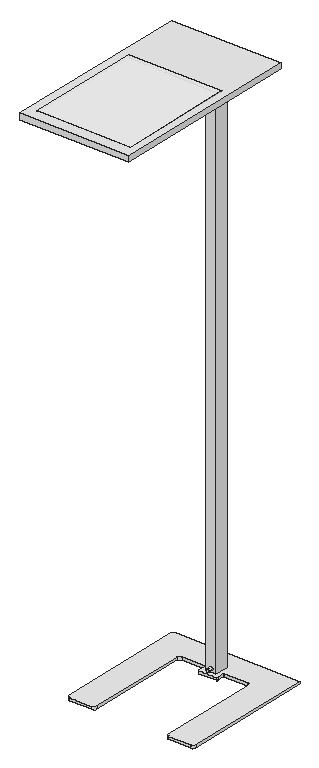
Revit family "0060780 Sylvania Lighting Fixture FREEOFFICE DIRECT INDIRECT 12KLM WHITE EC", category Lighting Fixtures, host Face, Revit 2016
Family settings
  Host = Face
  Part Type = Normal
  Round Connector Dimension = Use Diameter
  OmniClass Number = 23.80.70.11.17
  OmniClass Title = Specialized Lighting by Location or Use
  Cut with Voids When Loaded = No
  Light Source = Yes
  Shared = No
  Room Calculation Point = No
Parameters (values of type "0060780 FREEOFFICE D/I 12 WHITE EC")
  Weight = "22.8 kg"
  Wattage = 93 W
  WarrantyStartDate [instance] = "n/a"
  WarrantyGuarantorParts = "n/a"
  WarrantyDurationUnit = "n/a"
  WarrantyDurationParts = "n/a"
  WarrantyDescription = "n/a"
  built-in parameter 1150110 = 1 (stored number, unit not read)
  Voltage = 230 V
  TypeName = "FREEOFFICE DIRECT/INDIRECT 12KLM WHITE EC"
  built-in parameter 1114217 = 1 (stored number, unit not read)
  Tilt Angle = -90°
  built-in parameter 1150109 = 1 (stored number, unit not read)
  built-in parameter 1150134 = 12
  built-in parameter 1150113 = 1 (stored number, unit not read)
  SerialNumber [instance] = "n/a"
  Radius_FEILO = 165.0 mm
  URL = "http://www.sylvania-lighting.com"
  PowerFactor = 0.96
  PowerConsumption = "93 W"
  Photometric Web File = "0060780.ies"
  PIR_SYL = no
  NominalWidth = 0.0 mm
  NominalLength = 690.0 mm
  NominalHeight = 2030.0 mm
  Name = "FREEOFFICE DIRECT/INDIRECT 12KLM WHITE EC"
  ModelReference = "FREEOFFICE DIRECT/INDIRECT 12KLM WHITE EC"
  ModelNumber = "0060780"
  Material_3_SYL = Body-Sylvania-FreeOffice-BLK
  Material_2_SYL = Polycarbonate_Sylvania_Sylcircle_Opal
  Material_1_SYL = Body-Sylvania-FreeOffice-WH
  Material = "head and pole : powder coated aluminium. stand: powder coated steel housing, pmma diffuser"
  ManufacturerName = "Feilo Sylvania"
  LuminousEfficacy = "131 lm/W"
  built-in parameter 1150105 = 3688.2 (stored number, unit not read)
  Lumens = 12183 lm
  LuminaireType = ""
  built-in parameter 1150115 = 1 (stored number, unit not read)
  LightOutputRatio = "n/a"
  built-in parameter 1150137 = (empty or 0)
  built-in parameter 1150139 = (empty or 0)
  LampsType = Lamp  # "LED"
  LampNominalLuminous = "12150 lm"
  LampMacAdamStep = "3"
  LampColourTemperature = "4000 K"
  LampColourRenderingIndex = "80"
  built-in parameter 1150112 = 1 (stored number, unit not read)
  built-in parameter 1150114 = 1 (stored number, unit not read)
  Keynote = "16500"
  InstallationDate [instance] = "n/a"
  InputVoltage = "220-240V~"
  InputNominalFrequency = "50/60 Hz"
  built-in parameter 1150132 = (empty or 0)
  built-in parameter 1150102 = (empty or 0)
  built-in parameter 1150107 = 4000 (stored number, unit not read)
  built-in parameter 1150138 = (empty or 0)
  IngressProtection = "IP20"
  ImpactProtectionIndex = "IK02"
  built-in parameter 1150106 = 36.882 (stored number, unit not read)
  IfcExportType = "IfcLightFixtureType"
  IfcExportAs = "IfcLightFixtureType"
  Height_FEILO = 96.0 mm
  ExpectedLife = 50000
  Emit from Rectangle Width = 340.1 mm
  Emit from Rectangle Length = 564.6 mm
  Emit Shape Visible in Rendering = no
  ElectricShockClassification = "Class I"
  built-in parameter 1150104 = 12.17 (stored number, unit not read)
  DurationUnit = "hours"
  DocumentationLiterature = "http://www.sylvania-lighting.com/product/en-int/products/0060780"
  DimmingControlOptions = "Dimmable"
  Dimming Lamp Color Temperature Shift = <None>
  Diameter_FEILO = 2 * Radius_FEILO  # 330.0 mm
  CreatedOn = "12/5/2018"
  CreatedBy = "@sylvania-lighting.com"
  Color Filter = 16777215
  built-in parameter 1114216 [instance] = 1 (stored number, unit not read)
  Model = "FREEOFFICE DIRECT/INDIRECT 12KLM WHITE EC"
  Manufacturer = "Feilo Sylvania"
  Lamp = "LED"
  Description = "FREEOFFICE DIRECT/INDIRECT 12KLM WHITE EC is a highly efficient free-standing floor lamp providing optimal illumination for single and twin workstations. 80% uplight and 20% downlight ratio for ambient and task lighting from a single luminaire. Microprismatic PMMA optics for advanced glare control. White RAL9010 powder coated luminaire body. Aluminium head and pole for high-quality appearance, steel stand for higher stability. Luminaire dimensions: Head: 690x397x25mm, Stand: 480x460x16mm, Pole: 55x35x2030mm. Operated and dimmed with a push button located in the pole at a height suitable to be used with adjustable height desks. Up and downlight dims together. 4000K Neutral White LED, CRI>80, chromaticity tolerance: SDCM<3. Luminous flux: 12150lm. Power consumption 93W. Luminaire efficacy: 131lm/W. Lumen maintenance: L80B50=55000h. UGR<16, Luminance at 65°<3000 cd/m2. IK02, IP20. Photobiological safety risk group 0. Electrical protection: Class I. Glow wire test: 650°C. Supplied with 3m cable with DIN 49441-R2 plug."
  Default Elevation = 0.0 mm
  built-in parameter 1140040 [instance] = 1
  BarCode [instance] = "n/a"
  built-in parameter 1114218 = 1 (stored number, unit not read)
  built-in parameter 1150133 = 10 (stored number, unit not read)
  AssetType = "Fixed"
  AssetIdentifier [instance] = "n/a"
  Assembly Code = "D5020200"
  Apparent Load = 93 VA
Reference planes
  plane 1 "Center (Front/Back)": y = 0
  plane 2: z = 0
  plane 3 "Center (Left/Right)": x = 0
  plane 4: z = 2030
  plane 5: x = 230
  plane 6: x = -230
  plane 7: x = 18
  plane 8: x = -18
  plane 9: x = -198.5
  plane 10: x = 198.5
  plane 11: y = 25
  plane 12: y = -25
  plane 13: y = -390.174
  plane 14: y = 89.826
  plane 15: y = -645
  plane 16: y = 44
  plane 17: z = 9
  plane 18: z = 2010
  plane 19: y = -187.327
  plane 20: y = -603.8
  plane 21: x = -170.03
  plane 22: x = 170.03
  plane 23: y = -39.174
  plane 24: z = 2020
  plane 25: x = 130
  plane 26: x = -130
  plane 27: y = -10.174
  plane 28: x = 34
  plane 29: x = -34
  plane 30: y = -39.174
  plane 31: y = -321.487
  plane 32: z = 21
  plane 33: y = -624.4
  plane 34: z = 2009
Forms (mm)
  Extrusion 1, solid, material "Body-Sylvania-FreeOffice-WH" <- "Material_1_SYL"
    sketch origin (-1380.213, -4572, 2010) x (-1, 0, 0) y (0, -1, 0)
      loop
        line (-1181.713, -3927) -> (-1578.713, -3927) -> (-1578.713, -4616) -> (-1181.713, -4616) -> (-1181.713, -3927)
    from 0 to 20
  Extrusion 2, void
    sketch origin (-1380.213, -4572, 2030) x (0, -1, 0) y (-1, 0, 0)
      loop
        line (-4384.673, -1210.183) -> (-4384.673, -1550.243) -> (-3968.2, -1550.243) -> (-3968.2, -1210.183) -> (-4384.673, -1210.183)
    from 0 to 20
  Extrusion 3, void
    sketch origin (-1380.213, -4572, 2010) x (0, -1, 0) y (-1, 0, 0)
      loop
        line (-3968.2, -1210.183) -> (-4532.826, -1210.183) -> (-4532.826, -1550.243) -> (-3968.2, -1550.243) -> (-3968.2, -1210.183)
    from 0 to -10
  Extrusion 4, solid, material "Body-Sylvania-FreeOffice-WH" <- "Material_1_SYL"
    sketch origin (0, 0, 0) x (1, 0, 0) y (0, 1, 0)
      loop
        line (-230, 79.826) -> (-230, -380.174)
        arc (-230, -380.174) -> (-227.071, -387.245) -> (-220, -390.174) r 10
        line (-220, -390.174) -> (-140, -390.174)
        arc (-140, -390.174) -> (-132.929, -387.245) -> (-130, -380.174) r 10
        line (-130, -380.174) -> (-130, -20.174)
        arc (-130, -20.174) -> (-127.071, -13.103) -> (-120, -10.174) r 10
        line (-120, -10.174) -> (-36, -10.174)
        arc (-36, -10.174) -> (-34.586, -10.76) -> (-34, -12.174) r 2
        line (-34, -12.174) -> (-34, -37.174)
        arc (-34, -37.174) -> (-33.414, -38.588) -> (-32, -39.174) r 2
        line (-32, -39.174) -> (32, -39.174)
        arc (32, -39.174) -> (33.414, -38.588) -> (34, -37.174) r 2
        line (34, -37.174) -> (34, -12.174)
        arc (34, -12.174) -> (34.586, -10.76) -> (36, -10.174) r 2
        line (36, -10.174) -> (120, -10.174)
        arc (120, -10.174) -> (127.071, -13.103) -> (130, -20.174) r 10
        line (130, -20.174) -> (130, -380.174)
        arc (130, -380.174) -> (132.929, -387.245) -> (140, -390.174) r 10
        line (140, -390.174) -> (220, -390.174)
        arc (220, -390.174) -> (227.071, -387.245) -> (230, -380.174) r 10
        line (230, -380.174) -> (230, 89.826) -> (-220, 89.826)
        arc (-220, 89.826) -> (-227.071, 86.897) -> (-230, 79.826) r 10
    from 0 to 9
  Extrusion 5, solid, material "Body-Sylvania-FreeOffice-WH" <- "Material_1_SYL"
    sketch origin (645.563, -4597, 9) x (0, -1, 0) y (-1, 0, 0)
      loop
        line (-4622, 663.563) -> (-4622, 627.563) -> (-4572, 627.563) -> (-4572, 663.563) -> (-4622, 663.563)
    from 0 to -2001
  Extrusion 6, solid, material "Body-Sylvania-FreeOffice-WH" <- "Material_1_SYL"
    sketch origin (747.1, -25, 1219.2) x (1, 0, 0) y (0, 0, 1)
      loop
        circle (-747.1, -1198.2) r 5
    from 0 to 14.174
  Extrusion 7, solid, material "Polycarbonate_Sylvania_Sylcircle_Opal" <- "Material_2_SYL"
    sketch origin (-1380.213, -4572, 2030) x (-1, 0, 0) y (0, -1, 0)
      loop
        line (-1550.243, -3968.2) -> (-1550.243, -4384.673) -> (-1210.183, -4384.673) -> (-1210.183, -3968.2) -> (-1550.243, -3968.2)
    from 0 to -10
  Extrusion 8, solid, material "Polycarbonate_Sylvania_Sylcircle_Opal" <- "Material_2_SYL"
    sketch origin (-1380.213, -4572, 2010) x (-1, 0, 0) y (0, -1, 0)
      loop
        line (-1210.183, -4532.826) -> (-1210.183, -3968.2) -> (-1550.243, -3968.2) -> (-1550.243, -4532.826) -> (-1210.183, -4532.826)
    from 0 to 10
  Revolve 9, solid, material "Body-Sylvania-FreeOffice-BLK" <- "Material_3_SYL", visible <- "PIR_SYL"
    sketch origin (747.1, -624.4, 1219.2) x (1, 0, 0) y (0, 0, 1)
      loop
        line (-757.1, 789.8) -> (-754.426, 789.8)
        arc (-754.426, 789.8) -> (-751.007, 787.781) -> (-747.1, 787.079) r 11.221
        line (-747.1, 787.079) -> (-747.1, 790.8) -> (-757.1, 790.8) -> (-757.1, 789.8)
      axis (-747.1, 790.8) -> (-747.1, 787.079)
    angle from 0 to 360
Cuts and joins
  Extrusion 2, Extrusion 3 cuts Extrusion 1
Lines and regions (mm)
  reference lines
    curve 1: circle (0, 0, 21) r 5 normal (0, -1, 0)
    curve 2: circle (0, -624.4, 2010) r 10 normal (0, 0, 1)
Dimensions and locks
  equal spacing: plane 12, plane 1 "Center (Front/Back)", plane 11
  locked: plane 12 to plane 11 at 50
  equal spacing: plane 8, plane 3 "Center (Left/Right)", plane 7
  plane 8 to plane 7 = 36.0 mm
  equal spacing: plane 9, plane 3 "Center (Left/Right)", plane 10
  plane 9 to plane 10 = 397.0 mm
  equal spacing: plane 6, plane 3 "Center (Left/Right)", plane 5
  locked: plane 6 to plane 5 at 460
  locked: plane 4 to plane 2 at 2030
  locked: plane 13 to plane 1 "Center (Front/Back)" at 390.174
  locked: plane 13 to plane 14 at 480
  locked: plane 15 to plane 1 "Center (Front/Back)" at 645
  locked: plane 15 to plane 16 at 689
  locked: plane 17 to plane 2 at 9
  locked: plane 4 to plane 18 at 20
  locked: plane 19 to plane 1 "Center (Front/Back)" at 187.327
  locked: plane 20 to plane 19 at 416.473
  equal spacing: plane 21, plane 3 "Center (Left/Right)", plane 22
  plane 21 to plane 22 = 340.059 mm
  locked: plane 20 to plane 23 at 564.626
  equal spacing: plane 4, plane 24, plane 18
  equal spacing: plane 26, plane 3 "Center (Left/Right)", plane 25
  locked: plane 26 to plane 25 at 260
  locked: plane 27 to plane 14 at 100
  equal spacing: plane 29, plane 3 "Center (Left/Right)", plane 28
  locked: plane 29 to plane 28 at 68
  locked: plane 30 to plane 27 at 29
  equal spacing: plane 20, plane 31, plane 23
  locked: plane 32 to host face at 21
  equal spacing: plane 15, plane 33, plane 20
  locked: Revolve 9 sketch curve to plane 18 at 7.5
  locked: plane 18 to plane 34 at 1
  radius of curve 2 = 10.0 mm
  aligned and locked: plane 2 to host face
  aligned and locked: level to host face
  aligned and locked: plane 15 to Extrusion 1 sketch curve
  aligned and locked: Extrusion 1 sketch curve to plane 9
  aligned and locked: Extrusion 1 sketch curve to plane 16
  aligned and locked: plane 10 to Extrusion 1 sketch curve
  aligned and locked: plane 4 to Extrusion 1
  aligned and locked: Extrusion 1 to plane 18
  aligned and locked: Extrusion 2 sketch curve to plane 19
  aligned and locked: plane 20 to Extrusion 2 sketch curve
  aligned and locked: Extrusion 2 to plane 18
  aligned and locked: plane 4 to Extrusion 2
  aligned and locked: plane 21 to Extrusion 2 sketch curve
  aligned and locked: plane 22 to Extrusion 2 sketch curve
  aligned and locked: Extrusion 3 sketch curve to cut or joined group of Extrusion 1, Extrusion 2, Extrusion 3  (x2)
  aligned and locked: plane 23 to Extrusion 3 sketch curve
  aligned and locked: plane 22 to Extrusion 3 sketch curve
  aligned and locked: Extrusion 3 to plane 18
  aligned and locked: plane 24 to Extrusion 3
  aligned and locked: Extrusion 4 sketch curve to plane 14
  aligned and locked: Extrusion 4 sketch curve to plane 6
  aligned and locked: plane 13 to Extrusion 4 sketch curve  (x2)
  aligned and locked: Extrusion 4 sketch curve to plane 26
  aligned and locked: Extrusion 4 sketch curve to plane 25
  aligned and locked: plane 5 to Extrusion 4 sketch curve
  aligned and locked: plane 29 to Extrusion 4 sketch curve
  aligned and locked: plane 30 to Extrusion 4 sketch curve
  aligned and locked: Extrusion 4 sketch curve to plane 28
  aligned and locked: Extrusion 4 sketch curve to plane 27
  aligned and locked: Extrusion 4 to plane 17
  aligned and locked: Extrusion 4 to level
  aligned and locked: Extrusion 5 sketch curve to plane 8
  aligned and locked: plane 7 to Extrusion 5 sketch curve
  aligned and locked: plane 18 to Extrusion 5
  aligned and locked: plane 11 to Extrusion 5 sketch curve
  aligned and locked: Extrusion 5 sketch curve to plane 12
  aligned and locked: plane 24 to imposter light
  aligned and locked: imposter light to plane 3 "Center (Left/Right)"
  aligned and locked: imposter light to plane 31
  aligned and locked: Extrusion 6 sketch curve to curve 1
  aligned and locked: Extrusion 6 to plane 12
  aligned and locked: Extrusion 6 to cut or joined group of Extrusion 1, Extrusion 2, Extrusion 3
  aligned and locked: Extrusion 7 sketch curve to cut or joined group of Extrusion 1, Extrusion 2, Extrusion 3  (x4)
  aligned and locked: Extrusion 7 to plane 4
  aligned and locked: Extrusion 7 to cut or joined group of Extrusion 1, Extrusion 2, Extrusion 3
  aligned and locked: Extrusion 8 sketch curve to cut or joined group of Extrusion 1, Extrusion 2, Extrusion 3  (x4)
  aligned and locked: Extrusion 8 to cut or joined group of Extrusion 1, Extrusion 2, Extrusion 3
  aligned and locked: Extrusion 8 to plane 18
  aligned and locked: plane 3 "Center (Left/Right)" to curve 2
  aligned and locked: plane 33 to curve 2
  aligned and locked: plane 3 "Center (Left/Right)" to Revolve 9 sketch curve  (x2)
  aligned and locked: Revolve 9 sketch curve to plane 3 "Center (Left/Right)"
  aligned and locked: Revolve 9 sketch curve to plane 34
Automatic sketch dimensions
  host sketch curve to host sketch curve = 1305.563 mm
  host sketch curve to host sketch curve = 1283.632 mm
  plane 27 to Extrusion 4 sketch curve = 0.0 mm
  plane 6 to Extrusion 4 sketch curve = 10.0 mm  (x2)
  Extrusion 4 sketch curve to plane 13 = 10.0 mm
  Extrusion 4 sketch curve to plane 26 = 10.0 mm
  Extrusion 4 sketch curve to Extrusion 4 sketch curve = 2.0 mm
  plane 29 to Extrusion 4 sketch curve = 2.0 mm
  Extrusion 4 sketch curve to plane 28 = 2.0 mm
  plane 28 to Extrusion 4 sketch curve = 2.0 mm
  Extrusion 4 sketch curve to plane 25 = 10.0 mm
  Extrusion 4 sketch curve to Extrusion 4 sketch curve = 10.0 mm
  Extrusion 4 sketch curve to plane 5 = 10.0 mm
  curve 1 to plane 3 "Center (Left/Right)" = 0.0 mm
  curve 1 to plane 32 = 0.0 mm
  Revolve 9 sketch curve to plane 18 = 0.0 mm
  Revolve 9 sketch curve to plane 3 "Center (Left/Right)" = 7.326 mm
  Revolve 9 sketch curve to Revolve 9 sketch curve = 2.674 mm
  Revolve 9 sketch curve to level = 94.652 mm
  plane 4 to Revolve 9 sketch curve = 432.257 mm
  radius of curve 1 = 5.0 mm
Connectors
  electrical at (0, -39.174, 21), driven by "PowerFactor", driven by "Voltage", driven by "Apparent Load", driven by "Apparent Load"
    settings: on Extrusion 6, index 1, voltage 230 V, apparent load 93 VA, apparent load phase1 93 VA, apparent load phase2 0 VA, apparent load phase3 0 VA, power factor 0.96, load classification "Other", number of poles 1, system type 30, power factor state 1, is connector primary yes, connector utility no, sub classification motor no, connector description ""
